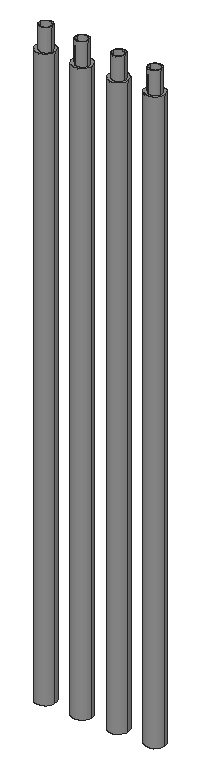
Revit family "FON-CA-O-SerieMicropali_Ø260Arm168.3mmL8m_Int0.5m", category Telaio strutturale, Revit 2021
Family settings
  Arrotondamento lunghezza telaio strutturale = 0 mm
  Forma sezione = Non definito
  Materiale per comportamento modello = Altro
  Esporta sempre come geometria = No
  Numero OmniClass = 23.25.30.11.14.14
  Titolo OmniClass = Beams
  Sempre verticale = Sì
  Taglio con vuoti quando caricato = No
  Rappresentazione simbolica = Da famiglia
  Condiviso = Sì
  Mostra pretaglio famiglia in viste di pianta = Sì
Parameters (values of type "MicropaloØ139.7x8.0mm_perforazioneØ260mm_L8m_interasse50cm")
  Volume malta cementizia [instance] = 0.538 m³ * Numero Micropali  # 2.152 m³
  Numero Micropali [instance] = (Length - Distanza da inizio) / Interasse  # 4
  Lunghezza Micropalo = 8000 mm
  Lunghezza Ancoraggio = 300 mm
  Length [instance] = 2250 mm
  Interasse = 500 mm
  Distanza da inizio [instance] = 500 mm
  Diametro Perforazione = 260 mm
  Diametro Interno Armatura = 148.3 mm
  Diametro Armatura = 168.3 mm
  Calcestruzzo = Malta
  Acciaio S355 = Acciaio S355
Reference planes
  plane 1 "Centro (Fronte/Retro)": y = 0
  plane 2 "Prospetto centro": z = 0
  plane 3 "Centro (Sinistra/Destra)": x = 0
  plane 4 "Sinistra": x = -1500
  plane 5 "Destra": x = 750
Dimensions and locks
  "Length": plane 4 "Sinistra" to plane 5 "Destra"
  "Distanza da inizio": plane 4 "Sinistra" to nested 1
  equal spacing: group 1, group 2, group 3, group 4  (x3)
  "Interasse": nested 1 to nested 2
  nested 1 to level = 300 mm
  aligned and locked: level to plane 2 "Prospetto centro"
Nested families
  nested 1: "FON-CA-O-Micropalo" at (-1000, 0, 0), type "FON-CA-O-Micropalo"
  nested 2: "FON-CA-O-Micropalo" at (-500, 0, 0), type "FON-CA-O-Micropalo"
  nested 3: "FON-CA-O-Micropalo" at (0, 0, 0), type "FON-CA-O-Micropalo"
  nested 4: "FON-CA-O-Micropalo" at (500, 0, 0), type "FON-CA-O-Micropalo"
Definition of nested family "FON-CA-O-Micropalo"
  Parameters (values of type "FON-CA-O-Micropalo")
    Volume Malta = Lunghezza Micropalo * ((3.14 * Diametro Perforazione * Diametro Perforazione) / 4)  # 0.424528 m³
    Volume Acciaio S355 = (Lunghezza Micropalo + Lunghezza Ancoraggio) * (((3.14 * Diametro Armatura * Diametro Armatura) / 4) - ((3.14 * Diametro Interno Armatura * Diametro Interno Armatura) / 4))  # 0.0412561 m³
    Spessore Armatura = (Diametro Armatura - Diametro Interno Armatura) / 2  # 10 mm
    Default Elevation = 0 mm
    Structural Material [instance] = element 418929
    Lunghezza Micropalo = 8000 mm
    Lunghezza Ancoraggio = 300 mm
    Diametro Perforazione = 260 mm
    Diametro Interno Armatura = 148.3 mm
    Diametro Armatura = 168.3 mm
    Calcestruzzo = none
    Acciaio S355 = none
  Reference planes
    plane 1 "Center (Front/Back)": y = 0
    plane 2: z = 0
    plane 3 "Center (Left/Right)": x = 0
    plane 4: z = -8000
    plane 5: z = 300
  Forms (mm)
    Extrusion 1, solid, material <- "Calcestruzzo"
      sketch origin (0, 0, 0) x (1, 0, 0) y (0, 1, 0)
        loop
          circle (0, 0) r 130
      from 0 to -8000
    Extrusion 2, solid, material <- "Acciaio S355"
      sketch origin (0, 0, 0) x (1, 0, 0) y (0, 1, 0)
        loop
          circle (0, 0) r 84.15
        loop
          circle (0, 0) r 74.15
      from -8000 to 300
  Dimensions and locks
    "Lunghezza Micropalo": level to plane 4
    "Lunghezza Ancoraggio": plane 5 to level
    "Diametro Perforazione": diameter of Extrusion 1 sketch curve
    "Diametro Armatura": diameter of Extrusion 2 sketch curve
    "Diametro Interno Armatura": diameter of Extrusion 2 sketch curve
    aligned and locked: level to plane 2
    aligned and locked: level to Extrusion 1
    aligned and locked: plane 4 to Extrusion 1
    aligned and locked: plane 5 to Extrusion 2
    aligned and locked: plane 4 to Extrusion 2
  Automatic sketch dimensions
    plane 1 "Center (Front/Back)" to Extrusion 1 sketch curve = 0 mm
    Extrusion 1 sketch curve to plane 3 "Center (Left/Right)" = 0 mm
    Extrusion 2 sketch curve to Extrusion 2 sketch curve = 0 mm  (x2)
    plane 1 "Center (Front/Back)" to Extrusion 2 sketch curve = 0 mm
    Extrusion 2 sketch curve to plane 3 "Center (Left/Right)" = 0 mm
